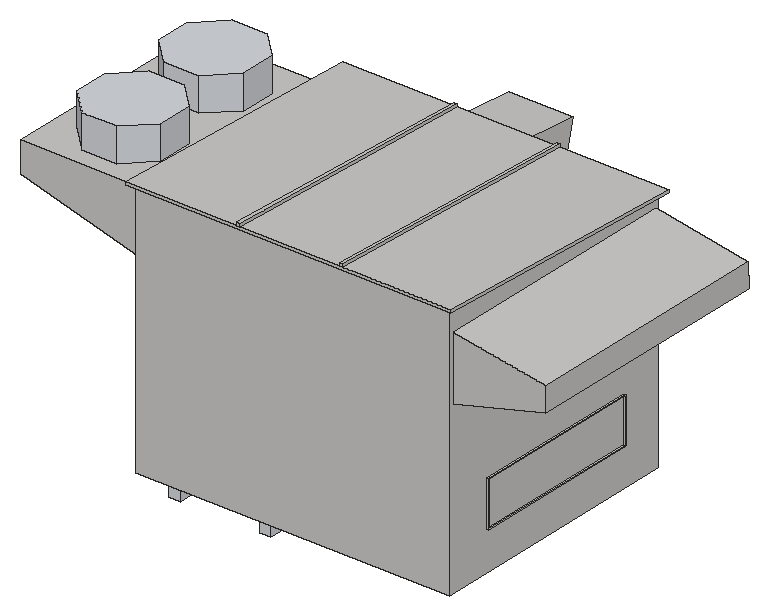
Revit family "DN5_PKGD_RT_EC_1FP", category Mechanical Equipment, Revit 2019
Family settings
  Round Connector Dimension = Use Diameter
  Part Type = Normal
  Work Plane-Based = No
  Always vertical = Yes
  Cut with Voids When Loaded = No
  Shared = No
  Room Calculation Point = No
Parameters (values of type "4@3.70 kW 380-480V")
  Voltage = "380-480V"
  Unit Weight = "4825-6350 lbs."
  Unit Dimensions (L x W x H) = "189-1/8\" x 122-3/4\" x 95\""
  Unit = Renewaire - Galvanized Steel
  URL = "www.renewaire.com"
  Typical Airflow Range = "1,125-4,950 CFM"
  Standard Features = "EC Motors for both airstreams, Direct drive backward inclined plenum, Higher ESP of up to 3\" w.g. at 4,500 CFM, Integrated programmable controls, True 100% face and bypass enthalpy based modulating economizer, Class 1 low leakage motorized isolation dampers, Stainless steel double-sloped drain pan with cooling option, 1\" Double wall foam injected 20 gauge galvanized panel construction with R6.5 insulation"
  Service Area Visibility = yes
  Service Area Box = Renewaire - Interference
  Revit Object Download Link = ""
  Refrigerant = "R410A"
  Phase = 3
  Options = "DX, heat pump, or chilled water cooling coil, Modulating hot gas reheat, Steam or hot water coil, Onboard variable frequency drives (VFDs) - both airstreams, Fused disconnect, Spring isolators (VFDs only), 2\" Double wall foam injected 20 gauge galvanized panel construction with R13 insulation, Exterior paint - grey, white, custom color, Salt spray - 2500 hours, BACNET factory activation, GFCI convenience outlet, Recirculation damper, Drain overflow switch, Mist Eliminator, Electrofin coating for coils"
  Number of Condenser Fans = "Qty. 2, EC motor, Direct drive"
  Number Motors = "Qty. 4, Direct drive motorized impeller packages"
  Nominal Capacity Range = "5.5T -30T"
  Model = "DN-5XRT-1FP-EC"
  Max. Shipping Weight = "4825-6600 lbs."
  Shipping Dimensions (L x W x H) = "189-1/8\" x 122-3/4\" x 95\""
  Manufacturer = "Renewaire LLC"
  Inlets/Outlets [instance] = "OA & RA Inlets: 60\" x 16\", SA Outlet: 24\" x 16\", EA Outlet: 20\" x 32\""
  Frequency = "50/60 Hz"
  Filters [instance] = "Total qty. 10, MERV 8: 16\" x 20\" x 2\""
  Features (default) = "BLDC Variable Speed Compressor, Integrated Refrigeration Controller, Electronic Expansion Valve, Filter Drier, Sight Glass"
  Energy Recovery Type = "Static plate total energy transfer"
  Description = "Energy Recovery Ventilator"
  Bypass Filters [instance] = "Total qty. 4, MERV 8: 16\" x 20\" x 2\""
  Available Options = "Fixed Speed Compressor, Suction Accumlator w/HGRH, Modulating 3-way Valve w/HGRH"
  Accessories = "Filters - MERV 13, 2\"  and 4\" (shipped loose), MERV 14, 2\" and 4\" (shipped loose), Additional filters available upon request, Roof curb - standard 14\", Hurricane or seismic rated curbs, Curb clip kit, Carbon dioxide sensor/control - wall mount (CO2-W), duct mount (CO2-D), IAQ sensor - wall mount (IAQ-W), duct mount (IAQ-D), Motion occupancy sensor/control - ceiling mount (MC-C), wall mount (MC-W), Smoke detector, Room temperature and humidity sensor, Duct static pressure sensor with display to 10\", without display 0-2\", Room pressure sensor with display to 1\", without display 0-1\", Waterless trap negative pressure, waterless trap positive pressure, Remote display"
  AHRI 1060 Certified Core = "One L-62-G5 and four L-125-G5"
Types (6): name | Voltage | Max. Shipping Weight
  (no name) | "380-480V" | "4825-6600 lbs."
  4@2.70 kW 200-240V | "200-240V" | "4825-6350 lbs."
  4@3.70 kW 380-480V | "380-480V" | "4825-6600 lbs."
  4@5HP 208-230V | "208-230V" | "4825-6350 lbs."
  4@5HP 460V | "460V" | "4825-6350 lbs."
  4@5HP 575V | "575V" | "4825-6350 lbs."
Reference planes (in)
  plane 1 "Center (Front/Back)": y = 0
  plane 2: z = 0
  plane 3 "Center (Left/Right)": x = 0
Forms (in)
  Extrusion 1, solid, material "Renewaire - Galvanized Steel" <- "Unit"
    sketch origin (0, 0, 1.99997) x (0, 1, 0) y (0, 0, 1)
      loop
        line (12.11677, 31.05846) -> (-11.88323, 31.05846) -> (-11.88323, 15.05845) -> (12.11677, 15.05845) -> (12.11677, 31.05846)
      loop
        line (11.99177, 30.93346) -> (-11.75823, 30.93346) -> (-11.75823, 15.18345) -> (11.99177, 15.18345) -> (11.99177, 30.93346)
    from -110.75 to -109.75
  Extrusion 2, solid, material "Renewaire - Galvanized Steel" <- "Unit"
    sketch origin (0, 0, 1.99998) x (0, 1, 0) y (0, 0, 1)
      loop
        line (-29.87714, 28.04274) -> (-29.87714, 12.04274) -> (30.12286, 12.04274) -> (30.12286, 28.04274) -> (-29.87714, 28.04274)
      loop
        line (-29.75214, 27.91774) -> (-29.75214, 12.16774) -> (29.99786, 12.16774) -> (29.99786, 27.91774) -> (-29.75214, 27.91774)
    from 0 to 1
  Extrusion 3, void
    sketch origin (5.75134, -41.99808, 0) x (1, 0, 0) y (0, 1, 0)
      loop
        line (-162.31519, 125.54009) -> (-162.31519, -85.5) -> (26.80981, -85.5) -> (26.80981, 125.54009) -> (-162.31519, 125.54009)
    from 0 to 84
  Extrusion 4, solid, material "Renewaire - Galvanized Steel" <- "Unit"
    sketch origin (0, 0, 0) x (1, 0, 0) y (0, 0, 1)
      loop
        line (0, 82.10866) -> (0, 59.48366) -> (32.49866, 68.01908) -> (32.49866, 76.37827) -> (0, 82.10866)
    from -44.29849 to 44.08852
  Extrusion 5, solid, material "Renewaire - Galvanized Steel" <- "Unit"
    sketch origin (0, 0, 0) x (0, 1, 0) y (0, 0, 1)
      loop
        line (45.42474, 81.97972) -> (45.42474, 46.1082) -> (57.67474, 46.1082) -> (69.06801, 64.34123) -> (73.14441, 79.55457) -> (45.42474, 81.97972)
    from -74.44855 to -51.90454
  Extrusion 6, solid, material "Renewaire - Galvanized Steel" <- "Unit"
    sketch origin (0, 0, 0) x (0, 1, 0) y (0, 0, 1)
      loop
        line (45.5, 0.01019) -> (45.5, 86.0075) -> (-45.50002, 90.01019) -> (-45.50002, 0.01019) -> (45.5, 0.01019)
    from 0 to -109.75
  Extrusion 7, void
    sketch origin (0, 0, 0) x (1, 0, 0) y (0, 1, 0)
      loop
        line (-107.75, 43.5) -> (-107.75, -43.50002) -> (-2, -43.50002) -> (-2, 43.5) -> (-107.75, 43.5)
    from 0 to 8
  Extrusion 8, void
    sketch origin (0, 0, 0) x (1, 0, 0) y (0, 1, 0)
      loop
        line (-105.32417, 11.99999) -> (-105.32417, -12.00001) -> (-89.32417, -12.00001) -> (-89.32417, 11.99999) -> (-105.32417, 11.99999)
      loop
        line (-21.98952, 30.00001) -> (-21.98952, -29.99999) -> (-5.98952, -29.99999) -> (-5.98952, 30.00001) -> (-21.98952, 30.00001)
    from 8.5 to 7.5
  Extrusion 9, solid, material "Renewaire - Galvanized Steel" <- "Unit"
    sketch origin (0, 0, 0) x (0, 1, 0) y (0, 0, 1)
      loop
        line (47.49807, 85.91961) -> (47.54201, 86.91865) -> (-47.45414, 91.09711) -> (-47.49808, 90.09807) -> (47.49807, 85.91961)
    from 2 to -111.75
  Extrusion 10, solid, material "Renewaire - Galvanized Steel" <- "Unit"
    sketch origin (0, -0.04394, 0) x (0, 1, 0) y (0, 0, 1)
      loop
        line (47.54201, 86.91865) -> (47.58595, 87.91768) -> (-47.4102, 92.09614) -> (-47.45414, 91.09711) -> (47.54201, 86.91865)
    from -72 to -73
  Extrusion 11, solid, material "Renewaire - Galvanized Steel" <- "Unit"
    sketch origin (0, -0.04394, 0) x (0, 1, 0) y (0, 0, 1)
      loop
        line (47.54201, 86.91865) -> (47.58595, 87.91768) -> (-47.4102, 92.09614) -> (-47.45414, 91.09711) -> (47.54201, 86.91865)
    from -37 to -36
  Extrusion 12, solid, material "Renewaire - Galvanized Steel" <- "Unit"
    sketch origin (-51.35918, 0.59476, 17.98468) x (-1, 0, 0) y (0, 0, -1)
      loop
        line (58.5, -66.11208) -> (105.20467, -66.11208) -> (105.20467, -55.59483) -> (58.5, -42.92593) -> (58.5, -66.11208)
    from 38.15726 to -38.09274
  Extrusion 13, solid
    sketch origin (18.75191, -73.98987, 112.83672) x (0.999048, 0.043619, 0) y (-0.043619, 0.999048, 0)
      loop
        line (-143.41504, 78.57827) -> (-155.64926, 79.11243) -> (-164.67786, 70.83924) -> (-165.21202, 58.60502) -> (-156.93883, 49.57642) -> (-144.70461, 49.04226) -> (-135.67601, 57.31545) -> (-135.14185, 69.54967) -> (-143.41504, 78.57827)
    from -16.98996 to -28.73996
  Extrusion 14, solid
    sketch origin (18.75191, -37.83671, 112.83672) x (0.999048, 0.043619, 0) y (-0.043619, 0.999048, 0)
      loop
        line (-143.41504, 78.57827) -> (-155.64926, 79.11243) -> (-164.67786, 70.83924) -> (-165.21202, 58.60502) -> (-156.93883, 49.57642) -> (-144.70461, 49.04226) -> (-135.67601, 57.31545) -> (-135.14185, 69.54967) -> (-143.41504, 78.57827)
    from -16.98996 to -28.73996
  Extrusion 15, void
    sketch origin (-303.41899, -40.99617, 95.84676) x (1, 0, 0) y (0, 1, 0)
      loop
        line (146.85514, 79.68367) -> (146.85514, 3.43367) -> (193.66899, 3.43367) -> (193.66899, 79.68367) -> (146.85514, 79.68367)
    from 0 to 48
  Extrusion 16, solid
    sketch origin (0, 0, 0) x (1, 0, 0) y (0, 1, 0)
      loop
        line (-95.75, -43.50002) -> (-95.75, -39.50002) -> (-99.75, -39.50002) -> (-99.75, -43.50002) -> (-95.75, -43.50002)
      loop
        line (-68.226, -43.50002) -> (-64.226, -43.50002) -> (-64.226, -39.50002) -> (-68.226, -39.50002) -> (-68.226, -43.50002)
    from 8.5 to -5.11905
  Extrusion 17, solid
    sketch origin (-62.94367, -16.81774, 84.96672) x (1, 0, 0) y (0, 1, 0)
      loop
        line (-48.37017, -17.68227) -> (-48.37017, -21.18227) -> (-46.80927, -21.18227) -> (-46.80927, -17.68227) -> (-48.37017, -17.68227)
    from -24.05611 to -29
Cuts and joins
  Extrusion 7, Extrusion 8, Extrusion 15 cuts Extrusion 6
  Extrusion 15 cuts Extrusion 1
  Extrusion 15 cuts Extrusion 2
  Extrusion 15 cuts Extrusion 4
  Extrusion 15 cuts Extrusion 5
  Extrusion 15 cuts Extrusion 12
Dimensions and locks (in)
  aligned and locked: plane 2 to level
Connectors (in)
  hvac at (1, 0.12286, 22.04273)
    settings: on Extrusion 2, index 1, duct flow 0 CFM, flow factor 0, pres drop 0.00 in-wg, loss coef 0, conn angle 0.00°, conn width 60", conn height 16", conn diameter 24", duct sys type 2, conn prof type 1, flow config 0, flow direction 1, loss method 0, conn ref index -1, conn util no, is conn primary yes, conn desc "Return Air (RA)"
  hvac at (-110.75, 0.11677, 25.05843)
    settings: on Extrusion 1, index 6, duct flow 0 CFM, flow factor 0, pres drop 0.00 in-wg, loss coef 0, conn angle 0.00°, conn width 24", conn height 16", conn diameter 24", duct sys type 1, conn prof type 1, flow config 0, flow direction 2, loss method 0, conn ref index -1, conn util no, is conn primary no, conn desc "Supply Air (SA)"
  hvac at (-13.98952, 0.00001, 8.5)
    settings: on cut or joined group of Extrusion 6, Extrusion 7, Extrusion 8, Extrusion 15, index 8, duct flow 0 CFM, flow factor 0, pres drop 0.00 in-wg, loss coef 0, conn angle 0.00°, conn width 60", conn height 16", conn diameter 24", duct sys type 2, conn prof type 1, flow config 0, flow direction 1, loss method 0, conn ref index -1, conn util no, is conn primary no, conn desc "Return Air (RA)"
  hvac at (-97.32417, -0.00001, 8.5)
    settings: on cut or joined group of Extrusion 6, Extrusion 7, Extrusion 8, Extrusion 15, index 9, duct flow 0 CFM, flow factor 0, pres drop 0.00 in-wg, loss coef 0, conn angle 0.00°, conn width 24", conn height 16", conn diameter 24", duct sys type 1, conn prof type 1, flow config 0, flow direction 2, loss method 0, conn ref index -1, conn util no, is conn primary no, conn desc "Supply Air (SA)"
  piping at (-97.75, -41.50002, -5.11905), diameter 4
    settings: on Extrusion 16, index 10, connector inside diameter 24", connector length 0' - 0", flow factor 0, pipe flow 0 GPM, pressure drop 0.00 psi, fitting loss kfactor 0, connector angle 0.00°, fixture units 0, engagement length 0' - 0", angle of deflection 0.00°, flow configuration 0, flow direction 0, fitting loss method 0, system type 22, joint type 0, gender type 0, connector reference index -1, connector utility 0, adjustable connector no, is connector primary yes, connector description "1\" NPT DRAIN FAN BEFORE-DX (HORIZONTAL ONLY)"
  piping at (-66.226, -41.50002, -5.11905), diameter 4
    settings: on Extrusion 16, index 11, connector inside diameter 24", connector length 0' - 0", flow factor 0, pipe flow 0 GPM, pressure drop 0.00 psi, fitting loss kfactor 0, connector angle 0.00°, fixture units 0, engagement length 0' - 0", angle of deflection 0.00°, flow configuration 0, flow direction 0, fitting loss method 0, system type 22, joint type 0, gender type 0, connector reference index -1, connector utility 0, adjustable connector no, is connector primary no, connector description "1\" NPT DRAIN FAN AFTER-DX"
  electrical at (-111.31384, -36.25002, 58.43866)
    settings: on Extrusion 17, index 12, voltage 0 V, apparent load 0 VA, apparent load phase1 0 VA, apparent load phase2 0 VA, apparent load phase3 0 VA, power factor 1, load classification "Other", number of poles 1, system type 30, power factor state 1, is connector primary yes, connector utility no, sub classification motor no, connector description ""
